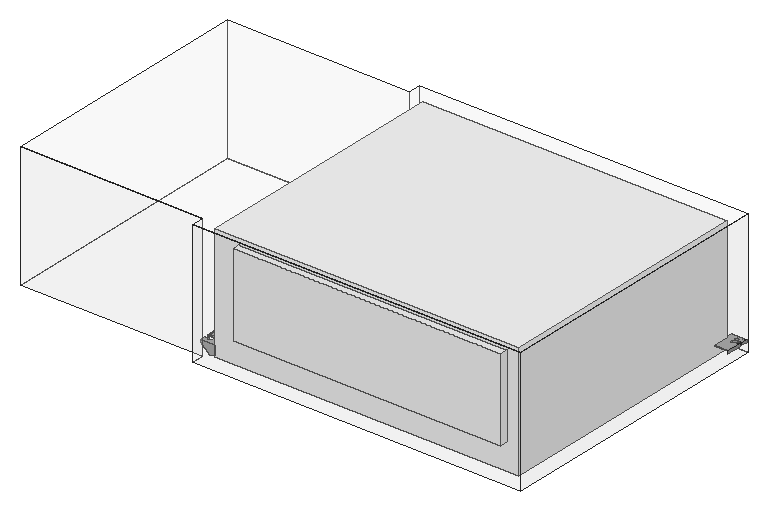
Revit family "pe-rp224_280ea5_50Hz", category 機械設備, Revit 2019
Family settings
  丸型コネクタ寸法 = 直径を使用
  パーツ タイプ = 標準
  OmniClass 番号 = 23.75.10.24.21.27.27
  OmniClass タイトル = Split System Air Conditioning Units
  作業面ベース = いいえ
  常に垂直 = はい
  ロード時にボイドで切り取り = いいえ
  共有 = いいえ
  部屋計算ポイント = はい
Parameters (values of type "PE-RP224EA5_50Hz")
  風量（弱）（m3／min） = 42
  風量（中）（m3／min） = 51
  風量（m3／min） = 60
  風量 = MAX風量  # 3600.0 m³/h
  音響パワーレベル（弱）(dB) = 63
  音響パワーレベル（中）(dB) = 64
  音響パワーレベル(dB) = 64
  電源種別 = "一般"
  電圧_電気ヒーター = 0 V
  電圧 = 200 V
  電動機出力_送風機 = 0.56 kW
  運転質量 = 0.00 kg
  連動 = ""
  質量 = if(製品質量 > 運転質量, 製品質量, 運転質量) * 1.2  # 104.40 kg
  負荷分類 = 3_ファン類
  説明 = "店舗・事務所用パッケージエアコン(Mr.SLIM) 天井埋込形"
  設計暖房能力 = 0 kW
  設計冷房能力_顕熱 = 0 kW
  設計冷房能力 = 0 kW
  設置方法 = "天井吊（隠ぺい）形"
  記号 = ""
  製造元 = "三菱電機株式会社"
  製品質量 = 87.00 kg
  製品出荷対象 = "国内"
  製品リリース年月 = "2025/5/12"
  製品グループ = ""
  系統 = ""
  符号 = "PAC-CID"
  積算_科目 = "1 空気調和設備"
  積算_拾い区分 = ""
  相_電気ヒーター = 1
  相 = 1
  盤記号 = ""
  発停方法 = ""
  特殊仕様 = ""
  火災停止 = ""
  消費電力_電気ヒーター = 0 kW
  消費電力_暖房 = 0.35 kW
  消費電力_加湿器 = 0 kW
  消費電力_冷房 = 0.35 kW
  消費電力 = if(消費電力_冷房 > 消費電力_暖房, 消費電力_冷房, 消費電力_暖房) + 消費電力_加湿器 + 消費電力_電気ヒーター  # 0.35 kW
  法定耐用年数 = "15"
  機外静圧 = 75.0 Pa
  製造番号 = ""
  極数 = 3
  材質 = "溶融亜鉛メッキ鋼板"
  本体マテリアル = 鋼、ペイント仕上げ、アイボリー、光沢
  有効加湿量 = 0
  暖房能力 = 22.4 kW
  形式_加湿器 = ""
  幹線記号 = ""
  始動方式 = "直入"
  呼称 = "室内機 天井吊(隠ぺい)形(両ダクト形)"
  周波数 = 50 Hz
  吊り位置Y = 1034.00 mm
  吊り位置X = 1324.00 mm
  加湿給水管径 = 0 mm
  分類コード = "50053003123080"
  分類グループ = ""
  冷房能力 = 20 kW
  冷媒高低圧ガス管径 = 0 mm
  冷媒管径符号 = "Bg"
  冷媒管径 = 100 mm
  冷媒液管径 = 9.52 mm
  冷媒ガス管径 = 25.4 mm
  価格 = 0
  企業コード = "108420"
  付属品_フィルター = ""
  付属品 = ""
  モデル = "PE-RP224EA5"
  ドレン管径 = 32 mm
  サービススペース = yes
  ケーブル種類 = ""
  ケーブルサイズ = 2 mm
  Width = 1250.00 mm
  Version = ""
  Uniclass2015Version = "Systems v1.9"
  Uniclass2015Title = "Split coil remote air cooled condensing units"
  Uniclass2015Code = "Pr_70_65_03_84"
  URL = "https://www.mitsubishielectric.co.jp/ldg/wink/qr/002/338246/"
  SpecificationReference = ""
  SpecificationDescription = ""
  SAサイズ_W = 1100.00 mm
  SAサイズ_D = 340.00 mm
  Revision = ""
  RAサイズ_W = 1100.00 mm
  RAサイズ_D = 420.00 mm
  ProductInformation = ""
  OmniClassCode = "23-33 17 13 11"
  MIN風量 = 風量（弱）（m3／min） * 60.0 m³/h  # 2520.0 m³/h
  MID風量 = 風量（中）（m3／min） * 60.0 m³/h  # 3060.0 m³/h
  MAX風量 = 風量（m3／min） * 60.0 m³/h  # 3600.0 m³/h
  IfcTypeProduct = ""
  IfcProduct = ""
  IfcExportType = "AIRCONDITIONINGUNIT"
  IfcExportAs = "IfcUnitaryEquipmentType"
  Height = 470.00 mm
  Depth = 1067.00 mm
  Author = "三菱電機株式会社"
Types (2, lengths in mm): name | 風量（弱）（m3／min） | 風量（中）（m3／min） | 風量（m3／min） | 風量 | 音響パワーレベル（弱）(dB) | 音響パワーレベル（中）(dB) | 音響パワーレベル(dB) | 消費電力_暖房 | 消費電力_冷房 | 消費電力 | 暖房能力 | 冷房能力 | 冷媒管径符号 | 冷媒液管径 | モデル | URL | MIN風量 | MID風量 | MAX風量
  PE-RP224EA5_50Hz | 42 | 51 | 60 | 3600.0 m³/h | 63 | 64 | 64 | 0.35 kW | 0.35 kW | 0.35 kW | 22.4 kW | 20 kW | "Bg" | 9.52 | "PE-RP224EA5" | "https://www.mitsubishielectric.co.jp/ldg/wink/qr/002/338246/" | 2520.0 m³/h | 3060.0 m³/h | 3600.0 m³/h
  PE-RP280EA5_50Hz | 50 | 61 | 72 | 4320.0 m³/h | 67 | 67 | 68 | 0.53 kW | 0.53 kW | 0.53 kW | 28 kW | 25 kW | "Cg" | 12.7 | "PE-RP280EA5" | "https://www.mitsubishielectric.co.jp/ldg/wink/qr/002/338247/" | 3000.0 m³/h | 3660.0 m³/h | 4320.0 m³/h
Reference planes
  plane 1 "中心(正面/背面)": y = 0
  plane 2: z = 0
  plane 3 "中心(左/右)": x = 0
  plane 4 "本体_2": x = -625
  plane 5 "本体_1": x = 625
  plane 6: y = -533.5
  plane 7 "サービススペース_5": y = 533.5
  plane 8 "最外形_2": x = -685
  plane 9 "最外形_1": x = 685
  plane 10 "SA_1": x = -525
  plane 11 "SA_2": x = 575
  plane 12 "SA": y = -562.5
  plane 13 "RA_1": x = -523
  plane 14 "RA_2": x = 577
  plane 15 "RA": y = 557.5
  plane 16 "Drain_1": y = -108.5
  plane 17 "Pipe_3": x = -735
  plane 18 "Pipe_1": y = -324.5
  plane 19 "Drain_3": x = -645
  plane 20: y = -502.5
  plane 21: y = 531.5
  plane 22 "サービススペース_1": y = 583.5
  plane 23 "サービススペース_a": x = -1425
  plane 24 "サービススペース_2": y = -583.5
  plane 25 "サービススペース_3": x = -675
  plane 26 "サービススペース_4": x = 675
  plane 27: z = 20
Forms (mm)
  Extrusion 1, solid, detail levels fine
    sketch origin (0, 0, 0) x (1, 0, 0) y (0, 1, 0)
      loop
        line (-625, 533.5) -> (-625, -533.5) -> (625, -533.5) -> (625, 533.5) -> (-625, 533.5)
    from 0 to -470
  Extrusion 2, solid, detail levels fine
    sketch origin (0, 0, 0) x (1, 0, 0) y (0, 1, 0)
      loop
        line (575, -533.5) -> (-525, -533.5) -> (-525, -562.5) -> (575, -562.5) -> (575, -533.5)
    from -365 to -25
  Extrusion 3, solid, detail levels fine
    sketch origin (0, 0, 0) x (1, 0, 0) y (0, 1, 0)
      loop
        line (-523, 533.5) -> (577, 533.5) -> (577, 557.5) -> (-523, 557.5) -> (-523, 533.5)
    from -450 to -30
  Extrusion 4, solid, detail levels fine
    sketch origin (0, 0, 0) x (0, 1, 0) y (0, 0, 1)
      loop
        circle (-324.5, -270) r 50
    from -735 to -625
  Extrusion 5, solid, detail levels fine
    sketch origin (0, 0, 0) x (0, 1, 0) y (0, 0, 1)
      loop
        circle (-108.5, -441) r 16
    from -645 to -625
Dimensions and locks
  plane 5 "本体_1" to plane 4 "本体_2" = 1250.00 mm
  plane 9 "最外形_1" to plane 8 "最外形_2" = 1370.00 mm
  plane 7 "サービススペース_5" to plane 6 = 1067.00 mm
  plane 21 to plane 20 = 1034.00 mm
  plane 7 "サービススペース_5" to nested 6 = 200.00 mm
  nested 6 to nested 6 = 550.00 mm
  nested 7 to nested 6 = 650.00 mm
  nested 6 to plane 4 "本体_2" = 150.00 mm
  diameter of Extrusion 4 sketch curve = 100.00 mm
  diameter of Extrusion 5 sketch curve = 32.00 mm
  aligned and locked: level to plane 2
  aligned and locked: nested 7 to plane 24 "サービススペース_2"
  aligned and locked: nested 7 to plane 22 "サービススペース_1"
  aligned and locked: plane 26 "サービススペース_4" to nested 7
  aligned and locked: nested 7 to plane 23 "サービススペース_a"
  aligned and locked: plane 25 "サービススペース_3" to nested 7
  aligned and locked: plane 27 to nested 7
  aligned and locked: nested 6 to plane 23 "サービススペース_a"
Nested families
  nested 1: "LEG_pe-rp-ea" at (-662, -502.5, -429) x (0, -1, 0) z (0, 0, 1), type "LEG", detail levels fine
  nested 2: "LEG_pe-rp-ea" at (-662, 531.5, -429) x (0, 1, 0) z (0, 0, 1), type "LEG", detail levels fine
  nested 3: "LEG_pe-rp-ea" at (662, -502.5, -429) x (0, -1, 0) z (0, 0, 1), type "LEG", not visible, detail levels fine
  nested 4: "LEG_pe-rp-ea" at (662, 531.5, -429) x (0, 1, 0) z (0, 0, 1), type "LEG", detail levels fine
  nested 5: "固定点" at (-662, -502.5, 0), type "固定点"
    with W 1324.00 mm, D 1034.00 mm
  nested 6: "点検口設置範囲" at (-1100, 58.5, -490), type "点検口設置範囲"
    with Width 1000.00 mm, Depth 700.00 mm
  nested 7: "サービススペース" at (425, 0, -235), type "サービススペース"
    with Width_1 1350.00 mm, Width 2100.00 mm, Height 510.00 mm, Depth 1167.00 mm
Connectors
  hvac at (25, -562.5, -195), driven by "SAサイズ_D", driven by "SAサイズ_W", driven by "機外静圧", driven by "風量"
    settings: on Extrusion 2, index 1, duct flow 3600.0 m³/h, flow factor 0, pres drop 75.0 Pa, loss coef 0, conn angle 0.00°, conn width 1100 mm, conn height 340 mm, conn diameter 609.6 mm, duct sys type 29, conn prof type 1, flow config 0, flow direction 2, loss method 4, conn ref index -1, conn util no, is conn primary yes, conn desc ""
  hvac at (27, 557.5, -240), driven by "RAサイズ_D", driven by "RAサイズ_W", driven by "機外静圧", driven by "風量"
    settings: on Extrusion 3, index 2, duct flow 3600.0 m³/h, flow factor 0, pres drop 75.0 Pa, loss coef 0, conn angle 0.00°, conn width 1100 mm, conn height 420 mm, conn diameter 609.6 mm, duct sys type 29, conn prof type 1, flow config 0, flow direction 1, loss method 4, conn ref index -1, conn util no, is conn primary no, conn desc ""
  piping at (-735, -324.5, -270), diameter 100, driven by "冷媒管径", driven by "冷媒管径符号"
    settings: on Extrusion 4, index 3, connector inside diameter 609.6 mm, connector length 0.00 mm, flow factor 0, pipe flow 0.0 L/s, pressure drop 0.0 Pa, fitting loss kfactor 0, connector angle 0.00°, fixture units 0, engagement length 0.00 mm, angle of deflection 0.00°, flow configuration 1, flow direction 1, fitting loss method 4, system type 7, joint type 0, gender type 0, connector reference index -1, connector utility 0, adjustable connector no, is connector primary yes, connector description "Bg"
  piping at (-645, -108.5, -441), diameter 32, driven by "ドレン管径"
    settings: on Extrusion 5, index 4, connector inside diameter 609.6 mm, connector length 0.00 mm, flow factor 0, pipe flow 0.0 L/s, pressure drop 0.0 Pa, fitting loss kfactor 0, connector angle 0.00°, fixture units 0, engagement length 0.00 mm, angle of deflection 0.00°, flow configuration 1, flow direction 2, fitting loss method 4, system type 16, joint type 0, gender type 0, connector reference index -1, connector utility 0, adjustable connector no, is connector primary no, connector description ""
  electrical at (-625, 0, -235), driven by "極数", driven by "負荷分類", driven by "電圧", driven by "消費電力"
    settings: on Extrusion 1, index 5, voltage 200 V, apparent load 350 VA, apparent load phase1 0 VA, apparent load phase2 0 VA, apparent load phase3 0 VA, power factor 1, load classification "3_ファン類", number of poles 3, system type 30, power factor state 1, is connector primary yes, connector utility no, sub classification motor no, connector description ""
Definition of nested family "LEG_pe-rp-ea"
  Parameters (values of type "LEG")
    product distance = 28.00 mm
  Reference planes
    plane 1 "中心(正面/背面)": y = 0
    plane 2: z = 0
    plane 3 "中心(左/右)": x = 0
  Forms (mm)
    Extrusion 1, void, detail levels fine
      sketch origin (0, 0, 0) x (1, 0, 0) y (0, 1, 0)
        loop
          arc (-8, 7) -> (-15, 0) -> (-8, -7) r 7
          line (-8, -7) -> (-6, -7) -> (-6, -23) -> (6, -23) -> (6, -7) -> (8, -7)
          arc (8, -7) -> (15, 0) -> (8, 7) r 7
          line (8, 7) -> (-8, 7)
      from 0 to -60
    Extrusion 2, solid, detail levels fine
      sketch origin (-38.369, 0, 0) x (-1, 0, 0) y (0, -1, 0)
        loop
          line (-68.369, -37) -> (25, -37) -> (25, 23) -> (-68.369, 23) -> (-68.369, -37)
      from 0 to -41
    Extrusion 3, void, detail levels fine
      sketch origin (-38.369, 0, 0) x (0, 1, 0) y (0, 0, -1)
        loop
          line (-20.7, 2.3) -> (37, 2.3) -> (37, 60) -> (-23, 60) -> (-23, 10) -> (-20.7, 10) -> (-20.7, 2.3)
      from -66.197 to 25
    Extrusion 4, void, detail levels fine
      sketch origin (30, 26, 0) x (0, -1, 0) y (0, 0, -1)
        loop
          line (49, 41) -> (9, 41) -> (49, 10) -> (49, 41)
      from -2.172 to 0
  Cuts and joins
    Extrusion 1, Extrusion 3, Extrusion 4 cuts Extrusion 2
  Dimensions and locks
    Extrusion 2 sketch curve to Extrusion 2 sketch curve = 93.369 mm  (x2)
    aligned and locked: level to plane 2
Definition of nested family "サービススペース"
  Parameters (values of type "サービススペース")
    Width_1 [instance] = 450.00 mm
    Width [instance] = 500.00 mm
    Height [instance] = 500.00 mm
    Depth [instance] = 500.00 mm
  Reference planes
    plane 1 "中心(正面/背面)": y = 0
    plane 2: z = 0
    plane 3 "中心(左/右)": x = 0
    plane 4: y = -250
    plane 5: x = 250
    plane 6: y = 250
    plane 7: x = -250
    plane 8: z = 250
    plane 9: z = -250
    plane 10: y = -200
    plane 11: y = 200
    plane 12: x = -200
  Forms (mm)
    Extrusion 1, solid
      sketch origin (-638.939, 0, 72.39) x (1, 0, 0) y (0, 1, 0)
        loop
          line (888.939, 250) -> (438.939, 250) -> (438.939, 200) -> (388.939, 200) -> (388.939, -200) -> (438.939, -200) -> (438.939, -250) -> (888.939, -250) -> (888.939, 250)
      from -322.39 to 177.61
  Lines and regions (mm)
    symbolic lines
      curve 1: line (-250, 0, 250) -> (250, 0, 250)
      curve 2: line (-250, 0, -250) -> (-250, 0, 250)
      curve 3: line (250, 0, -250) -> (-250, 0, -250)
      curve 4: line (250, 0, 250) -> (250, 0, -250)
      curve 5: line (0, -250, 250) -> (0, 250, 250)
      curve 6: line (0, -250, -250) -> (0, -250, 250)
      curve 7: line (0, 250, -250) -> (0, -250, -250)
      curve 8: line (0, 250, 250) -> (0, 250, -250)
      curve 9: line (-200, 250, 0) -> (250, 250, 0)
      curve 10: line (250, 250, 0) -> (250, -250, 0)
      curve 11: line (250, -250, 0) -> (-200, -250, 0)
      curve 12: line (-250, 200, 0) -> (-250, -200, 0)
      curve 13: line (-200, -250, 0) -> (-200, -200, 0)
      curve 14: line (-200, 250, 0) -> (-200, 200, 0)
      curve 15: line (-200, 200, 0) -> (-250, 200, 0)
      curve 16: line (-200, -200, 0) -> (-250, -200, 0)
  Dimensions and locks
    equal spacing: plane 4, plane 1 "中心(正面/背面)", plane 6
    "Depth": plane 4 to plane 6
    "Width": plane 7 to plane 5
    equal spacing: plane 8, plane 2, plane 9
    "Height": plane 8 to plane 9
    "Width_1": plane 12 to plane 5
    locked: plane 11 to plane 6 at 50
    locked: plane 10 to plane 4 at 50
    aligned and locked: plane 9 to curve 3
    aligned and locked: plane 7 to curve 2
    aligned and locked: curve 4 to plane 5
    aligned and locked: Extrusion 1 to plane 9
    aligned and locked: plane 8 to Extrusion 1
    aligned and locked: plane 9 to curve 7
    aligned and locked: plane 4 to Extrusion 1
    aligned and locked: Extrusion 1 to plane 10
    aligned and locked: Extrusion 1 to plane 6
    aligned and locked: Extrusion 1 to plane 11
    aligned and locked: Extrusion 1 to plane 7
    aligned and locked: plane 5 to Extrusion 1
    aligned and locked: Extrusion 1 sketch curve to curve 13
    aligned and locked: Extrusion 1 sketch curve to curve 14
  Automatic sketch dimensions
    curve 2 to plane 8 = 0.00 mm
    curve 7 to plane 4 = 0.00 mm
    curve 7 to plane 6 = 0.00 mm
    curve 6 to plane 8 = 0.00 mm
    curve 12 to plane 7 = 0.00 mm
    plane 6 to curve 14 = 0.00 mm
    plane 4 to curve 11 = 0.00 mm
    curve 10 to plane 5 = 0.00 mm
    plane 11 to curve 12 = 0.00 mm
    curve 16 to plane 10 = 0.00 mm
    Extrusion 1 sketch curve to plane 7 = 0.00 mm
    plane 6 to Extrusion 1 sketch curve = 0.00 mm
    plane 11 to Extrusion 1 sketch curve = 0.00 mm
    Extrusion 1 sketch curve to plane 5 = 0.00 mm
    plane 4 to Extrusion 1 sketch curve = 0.00 mm
    Extrusion 1 sketch curve to plane 10 = 0.00 mm
    curve 14 to plane 12 = 0.00 mm
    curve 11 to plane 12 = 0.00 mm
Definition of nested family "固定点"
  Parameters (values of type "固定点")
    中心円 = 20.00 mm
    W [instance] = 1324.00 mm
    D [instance] = 1034.00 mm
  Reference planes
    plane 1 "中心(正面/背面)": y = 0
    plane 2: z = 0
    plane 3 "中心(左/右)": x = 0
    plane 4: x = 1324
    plane 5: y = 1034
  Lines and regions (mm)
    symbolic lines, detail levels fine
      curve 1: circle (0, 1034, 0) r 10 normal (0, 0, 1)
      curve 2: circle (0, 0, 0) r 10 normal (0, 0, 1)
      curve 3: circle (1324, 1034, 0) r 10 normal (0, 0, 1)
      curve 4: circle (1324, 0, 0) r 10 normal (0, 0, 1)
      curve 5: line (-200, 1034, 0) -> (1524, 1034, 0)
      curve 6: line (-200, 0, 0) -> (1524, 0, 0)
      curve 7: line (0, 1234, 0) -> (0, -200, 0)
      curve 8: line (1324, 1234, 0) -> (1324, -200, 0)
  Dimensions and locks
    "W": plane 3 "中心(左/右)" to plane 4
    "D": plane 1 "中心(正面/背面)" to plane 5
    "中心円": diameter of curve 1
    "中心円": diameter of curve 2
    "中心円": diameter of curve 3
    "中心円": diameter of curve 4
    aligned and locked: level to plane 2
    aligned and locked: plane 5 to curve 1
    aligned and locked: plane 3 "中心(左/右)" to curve 1
    aligned and locked: plane 3 "中心(左/右)" to curve 2
    aligned and locked: plane 1 "中心(正面/背面)" to curve 2
    aligned and locked: plane 4 to curve 3
    aligned and locked: plane 5 to curve 3
    aligned and locked: plane 1 "中心(正面/背面)" to curve 4
    aligned and locked: plane 4 to curve 4
    aligned and locked: plane 1 "中心(正面/背面)" to curve 6
    aligned and locked: curve 7 to plane 3 "中心(左/右)"
    aligned and locked: curve 8 to plane 4
  Automatic sketch dimensions
    curve 5 to plane 5 = 0.00 mm
    curve 6 to plane 3 "中心(左/右)" = 200.00 mm
    curve 5 to plane 3 "中心(左/右)" = 200.00 mm
    curve 4 to curve 6 = 200.00 mm
    curve 3 to curve 5 = 200.00 mm
    plane 1 "中心(正面/背面)" to curve 8 = 200.00 mm
    plane 1 "中心(正面/背面)" to curve 7 = 200.00 mm
    curve 3 to curve 8 = 200.00 mm
    curve 1 to curve 7 = 200.00 mm
Definition of nested family "点検口設置範囲"
  Parameters (values of type "点検口設置範囲")
    Width [instance] = 1000.00 mm
    Depth [instance] = 700.00 mm
  Reference planes
    plane 1 "中心(正面/背面)": y = 0
    plane 2: z = 0
    plane 3 "中心(左/右)": x = 0
    plane 4: x = -325
    plane 5: x = 325
    plane 6: y = 275
    plane 7: y = -275
  Lines and regions (mm)
    model lines
      curve 1: line (-325, 275, 0) -> (325, 275, 0)
      curve 2: line (-325, -275, 0) -> (-325, 275, 0)
      curve 3: line (325, -275, 0) -> (-325, -275, 0)
      curve 4: line (325, 275, 0) -> (325, -275, 0)
  Dimensions and locks
    plane 4 to plane 5 = 650.00 mm
    equal spacing: plane 4, plane 3 "中心(左/右)", plane 5
    plane 7 to plane 6 = 550.00 mm
    equal spacing: plane 7, plane 1 "中心(正面/背面)", plane 6
    aligned and locked: level to plane 2
    aligned and locked: curve 3 to plane 7
    aligned and locked: curve 4 to plane 5
    aligned and locked: plane 4 to curve 2
    aligned and locked: plane 6 to curve 1
